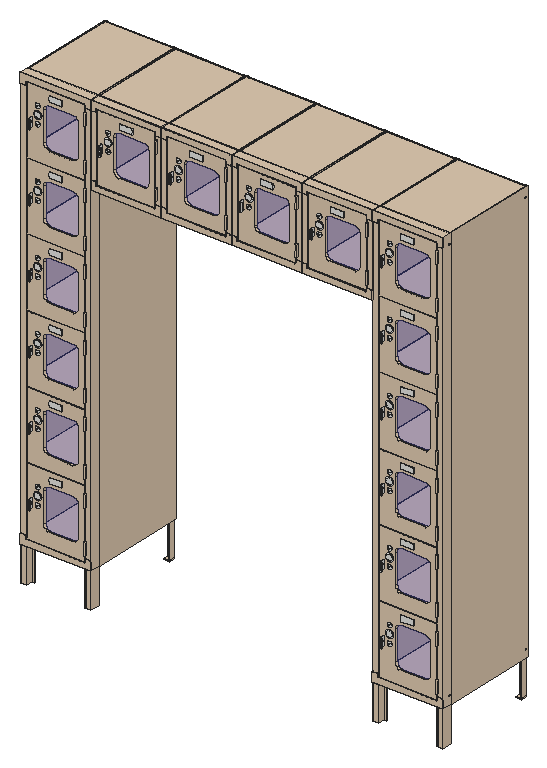
Revit family "Metal_Lockers-Salsbury_Industries-S_66000_Series-Bridge_Unit", category Specialty Equipment, Revit 2016 (continued)
Dimensions and locks (in)
  aligned and locked: plane 120 to Sweep 44 sketch curve
  aligned and locked: Sweep 44 sketch curve to plane 72  (x2)
  aligned and locked: plane 119 to Sweep 44 sketch curve
  aligned and locked: Sweep 44 sketch curve to plane 18 "Back Edge of Front Facing"
  aligned and locked: Sweep 44 sketch curve to plane 116  (x2)
  aligned and locked: Sweep 44 sketch curve to plane 117
  aligned and locked: plane 148 to Sweep 44 sketch curve
  aligned and locked: Sweep 44 sketch curve to plane 149
  aligned and locked: plane 117 to Sweep 44 sketch curve
  aligned and locked: Extrusion 52 sketch curve to plane 71
  aligned and locked: Extrusion 52 sketch curve to plane 114
  aligned and locked: plane 72 to Extrusion 52 sketch curve  (x2)
  aligned and locked: Extrusion 52 sketch curve to plane 113
  aligned and locked: plane 18 "Back Edge of Front Facing" to Extrusion 52 sketch curve
  aligned and locked: plane 107 to Extrusion 52 sketch curve
  aligned and locked: plane 108 to Extrusion 52 sketch curve
  aligned and locked: plane 148 to Extrusion 52
  aligned and locked: plane 62 "Bottom of Door Opening-Horiztonal" to Extrusion 52
  aligned and locked: plane 71 to Sweep 51 sketch curve
  aligned and locked: Sweep 51 sketch curve to plane 108
  aligned and locked: Sweep 51 sketch curve to plane 72  (x2)
  aligned and locked: Sweep 51 sketch curve to plane 107  (x2)
  aligned and locked: Sweep 51 sketch curve to plane 18 "Back Edge of Front Facing"
  aligned and locked: plane 113 to Sweep 51 sketch curve
  aligned and locked: plane 114 to Sweep 51 sketch curve
  aligned and locked: plane 148 to Sweep 51 sketch curve
  aligned and locked: Sweep 51 sketch curve to plane 149
  aligned and locked: plane 108 to Sweep 51 sketch curve
  aligned and locked: plane 9 "Back of Unit" to curve 9
  aligned and locked: plane 18 "Back Edge of Front Facing" to curve 9
  aligned and locked: plane 18 "Back Edge of Front Facing" to curve 7
  aligned and locked: plane 9 "Back of Unit" to curve 7
  aligned and locked: plane 9 "Back of Unit" to curve 3
  aligned and locked: plane 18 "Back Edge of Front Facing" to curve 5
  aligned and locked: plane 9 "Back of Unit" to curve 5
  aligned and locked: plane 6 "Top of Unit" to curve 5
  aligned and locked: plane 61 "Bottom of Horizontal Section" to curve 8
  aligned and locked: plane 61 "Bottom of Horizontal Section" to curve 6
  aligned and locked: plane 6 "Top of Unit" to curve 6
  aligned and locked: plane 6 "Top of Unit" to curve 2
  aligned and locked: plane 61 "Bottom of Horizontal Section" to curve 2
  aligned and locked: plane 61 "Bottom of Horizontal Section" to curve 4
  aligned and locked: plane 6 "Top of Unit" to curve 4
  aligned and locked: curve 12 to plane 5 "Bottom of Unit"
  aligned and locked: plane 6 "Top of Unit" to curve 10
  aligned and locked: curve 16 to plane 5 "Bottom of Unit"
  aligned and locked: curve 15 to plane 52 "Left Side of Unit 2"
  aligned and locked: plane 8 "Right Side of Unit" to curve 17
  aligned and locked: plane 6 "Top of Unit" to curve 14
  aligned and locked: plane 51 "Right Side of Unit 1" to curve 18
  aligned and locked: plane 6 "Top of Unit" to curve 18
  aligned and locked: curve 19 to plane 61 "Bottom of Horizontal Section"
  aligned and locked: curve 22 to plane 139
  aligned and locked: plane 64 to curve 23
  aligned and locked: plane 80 to curve 20
  aligned and locked: curve 21 to plane 15 "Left Side of Door Opening"
  aligned and locked: plane 7 "Left Side of Unit" to curve 24
  aligned and locked: curve 24 to plane 79
  aligned and locked: curve 25 to Blend 17
  aligned and locked: plane 7 "Left Side of Unit" to curve 26
  aligned and locked: plane 15 "Left Side of Door Opening" to curve 28
  aligned and locked: curve 28 to plane 138
  aligned and locked: curve 29 to Blend 15
  aligned and locked: curve 32 to plane 138
  aligned and locked: plane 64 to curve 33
  aligned and locked: plane 79 to curve 33
  aligned and locked: plane 54 to curve 34
  aligned and locked: plane 51 "Right Side of Unit 1" to curve 34
  aligned and locked: curve 34 to plane 140
  aligned and locked: curve 36 to plane 54
  aligned and locked: plane 80 to curve 35
  aligned and locked: plane 62 "Bottom of Door Opening-Horiztonal" to curve 37
  aligned and locked: curve 38 to plane 150
  aligned and locked: curve 40 to plane 55
  aligned and locked: plane 80 to curve 39
  aligned and locked: plane 62 "Bottom of Door Opening-Horiztonal" to curve 41
  aligned and locked: curve 42 to plane 151
  aligned and locked: curve 44 to plane 57
  aligned and locked: plane 80 to curve 43
  aligned and locked: plane 62 "Bottom of Door Opening-Horiztonal" to curve 45
  aligned and locked: curve 46 to plane 152
  aligned and locked: plane 80 to curve 47
  aligned and locked: curve 48 to plane 59
  aligned and locked: plane 62 "Bottom of Door Opening-Horiztonal" to curve 49
  aligned and locked: curve 50 to plane 153
  aligned and locked: plane 55 to curve 51
  aligned and locked: plane 150 to curve 51
  aligned and locked: curve 51 to plane 140
  aligned and locked: curve 52 to plane 79
  aligned and locked: curve 53 to plane 151
  aligned and locked: curve 53 to plane 79
  aligned and locked: curve 54 to plane 140
  aligned and locked: curve 55 to plane 152
  aligned and locked: plane 59 to curve 55
  aligned and locked: curve 55 to plane 140
  aligned and locked: curve 56 to plane 79
  aligned and locked: plane 153 to curve 57
  aligned and locked: curve 57 to plane 140
  aligned and locked: plane 154 to curve 58
  aligned and locked: curve 58 to plane 79
  aligned and locked: plane 80 to curve 59
  aligned and locked: curve 61 to plane 86
  aligned and locked: plane 14 "Right Side of Door Opening" to curve 62
  aligned and locked: plane 14 "Right Side of Door Opening" to curve 63
  aligned and locked: plane 8 "Right Side of Unit" to curve 63
  aligned and locked: curve 63 to plane 85
  aligned and locked: curve 64 to plane 79
  aligned and locked: plane 52 "Left Side of Unit 2" to curve 65
  aligned and locked: curve 65 to plane 154
  aligned and locked: plane 85 to curve 65
  aligned and locked: curve 66 to plane 155
  aligned and locked: curve 67 to plane 156
  aligned and locked: curve 70 to plane 5 "Bottom of Unit"
  aligned and locked: plane 9 "Back of Unit" to curve 71
  aligned and locked: plane 6 "Top of Unit" to curve 68
  aligned and locked: curve 69 to plane 10 "Front of Unit"
  aligned and locked: plane 9 "Back of Unit" to curve 72
  aligned and locked: curve 73 to plane 7 "Left Side of Unit"
  aligned and locked: curve 74 to plane 19 "Front Plate Plane"
  aligned and locked: plane 8 "Right Side of Unit" to curve 75
  aligned and locked: curve 76 to Blend 16
  aligned and locked: curve 79 to Blend 15
  aligned and locked: curve 82 to Blend 11
  aligned and locked: curve 85 to Blend 13
  aligned and locked: plane 7 "Left Side of Unit" to curve 88
  aligned and locked: plane 8 "Right Side of Unit" to curve 88
  aligned and locked: plane 18 "Back Edge of Front Facing" to curve 3
  aligned and locked: plane 18 "Back Edge of Front Facing" to curve 89
  aligned and locked: plane 9 "Back of Unit" to curve 89
  aligned and locked: curve 89 to plane 51 "Right Side of Unit 1"
  aligned and locked: nested 27 to plane 31 "Bottom of Bottom Door"
  aligned and locked: nested 28 to plane 34
  aligned and locked: nested 29 to plane 35
  aligned and locked: nested 30 to plane 37
  aligned and locked: nested 31 to plane 45
  aligned and locked: nested 32 to plane 48
  aligned and locked: plane 31 "Bottom of Bottom Door" to nested 21
  aligned and locked: plane 34 to nested 22
  aligned and locked: plane 35 to nested 23
  aligned and locked: plane 37 to nested 24
  aligned and locked: plane 45 to nested 25
  aligned and locked: nested 26 to plane 48
  aligned and locked: plane 4 "Floor" to nested 38
  aligned and locked: plane 7 "Left Side of Unit" to nested 38
  aligned and locked: nested 39 to plane 2
  aligned and locked: nested 39 to plane 8 "Right Side of Unit"
  aligned and locked: plane 10 "Front of Unit" to nested 39
  aligned and locked: plane 10 "Front of Unit" to nested 38
  aligned and locked: plane 5 "Bottom of Unit" to nested 40
  aligned and locked: plane 5 "Bottom of Unit" to nested 41
  aligned and locked: plane 51 "Right Side of Unit 1" to nested 41
  aligned and locked: plane 8 "Right Side of Unit" to nested 40
  aligned and locked: plane 9 "Back of Unit" to nested 40
  aligned and locked: plane 9 "Back of Unit" to nested 41
  aligned and locked: plane 5 "Bottom of Unit" to nested 42
  aligned and locked: plane 7 "Left Side of Unit" to nested 42
  aligned and locked: plane 5 "Bottom of Unit" to nested 43
  aligned and locked: plane 52 "Left Side of Unit 2" to nested 43
  aligned and locked: plane 9 "Back of Unit" to nested 42
  aligned and locked: plane 9 "Back of Unit" to nested 43
  aligned and locked: plane 2 to nested 44
  aligned and locked: plane 4 "Floor" to nested 45
  aligned and locked: nested 44 to plane 18 "Back Edge of Front Facing"
  aligned and locked: plane 42 to nested 44
  aligned and locked: nested 45 to plane 18 "Back Edge of Front Facing"
  aligned and locked: plane 41 to nested 45
Automatic sketch dimensions
  plane 20 "Horizontal Center of Top Rivets" to Extrusion 23 sketch curve = 0.02344"  (x4)
  Extrusion 23 sketch curve to Extrusion 23 sketch curve = 0.00009"
  Extrusion 23 sketch curve to Extrusion 23 sketch curve = 0.06851"
  plane 20 "Horizontal Center of Top Rivets" to Extrusion 25 sketch curve = 0.02344"  (x4)
  Extrusion 25 sketch curve to Extrusion 25 sketch curve = 0.00009"
  Extrusion 25 sketch curve to Extrusion 25 sketch curve = 0.06851"
  plane 18 "Back Edge of Front Facing" to Extrusion 39 sketch curve = 0.000"
  plane 8 "Right Side of Unit" to Extrusion 39 sketch curve = 0.12033"
  plane 22 "Vertical Center of Back Rivets" to Extrusion 39 sketch curve = 0.360"  (x2)
  Extrusion 39 sketch curve to plane 52 "Left Side of Unit 2" = 0.05967"
  plane 9 "Back of Unit" to Extrusion 39 sketch curve = 0.11781"
  Extrusion 39 sketch curve to Extrusion 39 sketch curve = 0.060"  (x2)
  Extrusion 73 sketch curve to plane 1 "Center (Front/Back)" = 0.000"
  Extrusion 73 sketch curve to plane 63 "Center or Coat Rod" = 0.000"
  Extrusion 72 sketch curve to plane 1 "Center (Front/Back)" = 0.000"
  Extrusion 72 sketch curve to plane 63 "Center or Coat Rod" = 0.000"
  plane 20 "Horizontal Center of Top Rivets" to Blend 17 sketch curve = 0.000"  (x2)
  Blend 17 sketch curve to plane 23 "Vertical Center of Front Rivets" = 0.000"  (x2)
  plane 20 "Horizontal Center of Top Rivets" to Extrusion 9 sketch curve = 0.02344"  (x4)
  Extrusion 9 sketch curve to Extrusion 9 sketch curve = 0.0686"
  plane 133 to Extrusion 9 sketch curve = 0.06851"
  plane 21 "Horiz Center of Bottom Rivets" to Extrusion 10 sketch curve = 0.02344"  (x4)
  Extrusion 10 sketch curve to Extrusion 10 sketch curve = 0.0686"
  Extrusion 10 sketch curve to plane 133 = 0.06851"
  plane 20 "Horizontal Center of Top Rivets" to Blend 11 sketch curve = 0.000"  (x2)
  Blend 11 sketch curve to plane 23 "Vertical Center of Front Rivets" = 0.000"  (x2)
  plane 21 "Horiz Center of Bottom Rivets" to Blend 12 sketch curve = 0.000"  (x2)
  Blend 12 sketch curve to plane 23 "Vertical Center of Front Rivets" = 0.000"  (x2)
  plane 21 "Horiz Center of Bottom Rivets" to Blend 15 sketch curve = 0.000"  (x2)
  Blend 15 sketch curve to plane 23 "Vertical Center of Front Rivets" = 0.000"  (x2)
  plane 19 "Front Plate Plane" to curve 1 = 0.000"
  plane 26 "Corner Filler Align-Left" to curve 1 = 22.500"
  curve 1 to plane 27 "Corner Filler Align-Right" = 21.25408"
  plane 20 "Horizontal Center of Top Rivets" to Extrusion 21 sketch curve = 0.02344"  (x4)
  Extrusion 21 sketch curve to Extrusion 21 sketch curve = 0.06851"
  plane 20 "Horizontal Center of Top Rivets" to Extrusion 27 sketch curve = 0.02344"  (x4)
  Extrusion 27 sketch curve to Extrusion 27 sketch curve = 0.00009"
  Extrusion 27 sketch curve to Extrusion 27 sketch curve = 0.06851"
  plane 20 "Horizontal Center of Top Rivets" to Extrusion 29 sketch curve = 0.02344"  (x4)
  Extrusion 29 sketch curve to Extrusion 29 sketch curve = 0.0686"
  Extrusion 29 sketch curve to plane 81 = 0.06851"
  Extrusion 30 sketch curve to plane 85 = 0.000"
  plane 21 "Horiz Center of Bottom Rivets" to Extrusion 30 sketch curve = 0.02344"  (x4)
  Extrusion 30 sketch curve to Extrusion 30 sketch curve = 0.0686"
  plane 81 to Extrusion 30 sketch curve = 0.06851"
  Extrusion 69 sketch curve to plane 1 "Center (Front/Back)" = 0.000"
  Extrusion 69 sketch curve to plane 63 "Center or Coat Rod" = 0.000"
  Extrusion 70 sketch curve to plane 1 "Center (Front/Back)" = 0.000"
  Extrusion 70 sketch curve to plane 63 "Center or Coat Rod" = 0.000"
  Extrusion 71 sketch curve to plane 1 "Center (Front/Back)" = 0.000"
  Extrusion 71 sketch curve to plane 63 "Center or Coat Rod" = 0.000"
  Extrusion 7 sketch curve to plane 105 = 0.000"
  plane 21 "Horiz Center of Bottom Rivets" to curve 31 = 0.05319"
  plane 85 to curve 29 = 0.03885"
  curve 27 to plane 79 = 0.03885"
  curve 25 to plane 20 "Horizontal Center of Top Rivets" = 0.05319"
  curve 31 to curve 29 = 0.13083"
  curve 30 to plane 85 = 0.09199"
  curve 27 to curve 24 = 0.09199"
  curve 25 to curve 26 = 0.13083"
  Blend 13 sketch curve to plane 21 "Horiz Center of Bottom Rivets" = 0.000"  (x2)
  Blend 13 sketch curve to plane 22 "Vertical Center of Back Rivets" = 0.000"  (x2)
  Blend 14 sketch curve to plane 20 "Horizontal Center of Top Rivets" = 0.000"  (x2)
  Blend 14 sketch curve to plane 22 "Vertical Center of Back Rivets" = 0.000"  (x2)
  plane 21 "Horiz Center of Bottom Rivets" to Blend 16 sketch curve = 0.000"  (x2)
  Blend 16 sketch curve to plane 22 "Vertical Center of Back Rivets" = 0.000"  (x2)
  plane 20 "Horizontal Center of Top Rivets" to Blend 18 sketch curve = 0.000"  (x2)
  Blend 18 sketch curve to plane 22 "Vertical Center of Back Rivets" = 0.000"  (x2)
  plane 49 "Vertical Divider 1 and 2" to curve 4 = 0.000"
  curve 2 to plane 3 "Center (Left/Right)" = 0.000"
  curve 6 to plane 6 "Top of Unit" = 0.000"
  plane 50 "Vertical Divider 2 and 3" to curve 6 = 0.000"
  plane 52 "Left Side of Unit 2" to curve 8 = 0.000"
  curve 8 to plane 61 "Bottom of Horizontal Section" = 0.000"
  curve 4 to plane 61 "Bottom of Horizontal Section" = 0.000"
  curve 6 to plane 61 "Bottom of Horizontal Section" = 0.000"
  curve 2 to plane 61 "Bottom of Horizontal Section" = 0.000"
  curve 4 to plane 6 "Top of Unit" = 0.000"
  curve 2 to plane 6 "Top of Unit" = 0.000"
  curve 8 to plane 6 "Top of Unit" = 0.02221"
  plane 69 "Compartment Align 1" to Extrusion 22 sketch curve = 0.02344"  (x4)
  Extrusion 22 sketch curve to Extrusion 22 sketch curve = 0.0686"
  Extrusion 22 sketch curve to plane 147 = 0.06851"
  plane 69 "Compartment Align 1" to Extrusion 24 sketch curve = 0.02344"  (x4)
  Extrusion 24 sketch curve to Extrusion 24 sketch curve = 0.0686"
  Extrusion 24 sketch curve to plane 142 = 0.06851"
  plane 69 "Compartment Align 1" to Extrusion 26 sketch curve = 0.02344"  (x4)
  Extrusion 26 sketch curve to Extrusion 26 sketch curve = 0.0686"
  Extrusion 26 sketch curve to plane 144 = 0.06851"
  plane 69 "Compartment Align 1" to Extrusion 28 sketch curve = 0.02344"  (x4)
  Extrusion 28 sketch curve to Extrusion 28 sketch curve = 0.0686"
  Extrusion 28 sketch curve to plane 146 = 0.06851"
  Extrusion 36 sketch curve to plane 78 = 0.000"
  Extrusion 36 sketch curve to plane 76 = 0.000"
  Sweep 77 sketch curve to profile plane = 0.000"
  Sweep 77 sketch curve to Sweep 77 sketch curve = 0.060"
  Sweep 77 sketch curve to Sweep 77 sketch curve = 0.73501"
  curve 5 to plane 49 "Vertical Divider 1 and 2" = 0.000"
  curve 3 to plane 3 "Center (Left/Right)" = 0.000"
  curve 7 to plane 50 "Vertical Divider 2 and 3" = 0.000"
  curve 9 to plane 52 "Left Side of Unit 2" = 0.000"
  curve 86 to plane 22 "Vertical Center of Back Rivets" = 0.05319"
  curve 76 to plane 22 "Vertical Center of Back Rivets" = 0.05319"
  plane 22 "Vertical Center of Back Rivets" to curve 76 = 0.05319"
  plane 22 "Vertical Center of Back Rivets" to curve 87 = 0.05319"
  curve 83 to plane 23 "Vertical Center of Front Rivets" = 0.05319"
  curve 79 to plane 23 "Vertical Center of Front Rivets" = 0.05319"
  plane 23 "Vertical Center of Front Rivets" to curve 84 = 0.05319"
  plane 23 "Vertical Center of Front Rivets" to curve 79 = 0.05319"
  curve 86 to curve 85 = 0.13083"
  curve 77 to curve 76 = 0.13083"
  curve 85 to curve 87 = 0.13083"
  curve 76 to curve 78 = 0.1395"
  curve 81 to curve 79 = 0.13271"
  curve 83 to curve 82 = 0.13191"
  curve 79 to curve 80 = 0.13083"
  curve 82 to curve 84 = 0.13083"
  radius of Extrusion 73 sketch curve = 1.000"
  radius of Extrusion 72 sketch curve = 0.530"
  radius of Blend 17 sketch curve = 0.187"
  radius of Blend 17 sketch curve = 0.05319"
  radius of Blend 11 sketch curve = 0.187"
  radius of Blend 11 sketch curve = 0.05319"
  radius of Blend 12 sketch curve = 0.187"
  radius of Blend 12 sketch curve = 0.05319"
  radius of Blend 15 sketch curve = 0.187"
  radius of Blend 15 sketch curve = 0.05319"
  radius of Extrusion 69 sketch curve = 0.500"
  radius of Extrusion 70 sketch curve = 0.530"
  radius of Extrusion 71 sketch curve = 1.000"
  radius of Blend 13 sketch curve = 0.187"
  radius of Blend 13 sketch curve = 0.05319"
  radius of Blend 14 sketch curve = 0.187"
  radius of Blend 14 sketch curve = 0.05319"
  radius of Blend 16 sketch curve = 0.187"
  radius of Blend 16 sketch curve = 0.05319"
  radius of Blend 18 sketch curve = 0.187"
  radius of Blend 18 sketch curve = 0.05319"
Nested families (in)
  nested 1: "Metal Locker Legs" at (-30.01683, 0, 0), type <- "Standard Leg Base", type "6" High - 12"W x 18"D - Bridge"
  nested 2: "Metal Locker Front Base" at (-30, -3, 0), type <- "Front Base", type "None"
  nested 3: "Metal Locker Right Side Base" at (30, 0.794, 0), type <- "Right Side Base", type "None"
  nested 4: "Metal Locker Left Side Base" at (-40.79, 0.794, 0), type <- "Left Side Base", type "None"
  nested 5: "Metal Locker End Panel" at (40.1925, -0.833, 6), type <- "End Panel - Right Side", type "None"
  nested 6: "Metal Locker End Panel" at (-40.1925, -0.833, 6) x (-1, 0, 0) z (0, 0, 1), type <- "End Panel - Left Side", type "None"
  nested 7: "Metal Locker Front Filler" at (48.155, -6.088, 0), type <- "Front Vertical Filler - Right", type "None"
  nested 8: "Metal Locker Front Filler" at (-38.965, -6.088, 0), type <- "Front Vertical Filler - Left", type "None"
  nested 9: "Metal Locker Flat Top Filler" at (48.155, -0.887, 77.045), type <- "Flat Top In-Line Filler - Right Side", type "None"
  nested 10: "Metal Locker Flat Top Filler" at (-38.965, -0.887, 77.045), type <- "Flat Top In-Line Filler - Left Side", type "None"
  nested 11: "Metal Locker Flat Corner Filler" at (46.3025, -1.2105, 78), type <- "Flat Top Corner Filler - Right Side", type "None"
  nested 12: "Metal Locker Flat Corner Filler" at (-46.3025, -1.2105, 78) x (-1, 0, 0) z (0, 0, 1), type <- "Flat Top Corner Filler - Left Side", type "None"
  nested 13: "Metal Locker Sloping Top Filler" at (48.155, -0.887, 78.028), type <- "Sloping Top In-Line Filler - Right Side", type "None"
  nested 14: "Metal Locker Sloping Top Filler" at (-38.965, -0.887, 78.028), type <- "Sloping Top In-Line Filler - Left Side", type "None"
  nested 15: "Metal Locker Sloping Corner Filler" at (43.9095, -4.9375, 77.71202) x (0, -1, 0) z (0, 0, 1), type <- "Sloping Top Corner Filler - Right Side", type "None"
  nested 16: "Metal Locker Sloping Corner Filler" at (-37.1475, 1.8245, 77.71223), type <- "Sloping Top Corner Filler - Left Side", type "None"
  nested 17: "See-Through Metal Locker Doors-12 inch with Latch Hasps" at (18.02717, -8.83, 65.33618), type <- "Door Location D1", type "Six Tier Door - 6 foot"
  nested 18: "See-Through Metal Locker Doors-12 inch with Latch Hasps" at (6.0205, -8.83, 65.33618), type <- "Door Location D1", type "Six Tier Door - 6 foot"
  nested 19: "See-Through Metal Locker Doors-12 inch with Latch Hasps" at (-5.98617, -8.83, 65.33618), type <- "Door Location D1", type "Six Tier Door - 6 foot"
  nested 20: "See-Through Metal Locker Doors-12 inch with Latch Hasps" at (-17.99283, -8.83, 65.33618), type <- "Door Location D1", type "Six Tier Door - 6 foot"
  nested 21: "See-Through Metal Locker Doors-12 inch with Latch Hasps" at (-29.99979, -8.83, 7.09027), type <- "Door Location D1", type "Six Tier Door - 6 foot"
  nested 22: "See-Through Metal Locker Doors-12 inch with Latch Hasps" at (-29.99979, -8.83, 18.78985), type <- "Door Location D1", type "Six Tier Door - 6 foot"
  nested 23: "See-Through Metal Locker Doors-12 inch with Latch Hasps" at (-29.99979, -8.83, 30.42643), type <- "Door Location D1", type "Six Tier Door - 6 foot"
  nested 24: "See-Through Metal Locker Doors-12 inch with Latch Hasps" at (-29.99979, -8.83, 42.06301), type <- "Door Location D1", type "Six Tier Door - 6 foot"
  nested 25: "See-Through Metal Locker Doors-12 inch with Latch Hasps" at (-29.99979, -8.83, 53.6996), type <- "Door Location D1", type "Six Tier Door - 6 foot"
  nested 26: "See-Through Metal Locker Doors-12 inch with Latch Hasps" at (-29.99979, -8.83, 65.33618), type <- "Door Location D1", type "Six Tier Door - 6 foot"
  nested 27: "See-Through Metal Locker Doors-12 inch with Latch Hasps" at (29.99976, -8.83, 7.09027), type <- "Door Location D1", type "Six Tier Door - 6 foot"
  nested 28: "See-Through Metal Locker Doors-12 inch with Latch Hasps" at (29.99976, -8.83, 18.78985), type <- "Door Location D1", type "Six Tier Door - 6 foot"
  nested 29: "See-Through Metal Locker Doors-12 inch with Latch Hasps" at (29.99976, -8.83, 30.42643), type <- "Door Location D1", type "Six Tier Door - 6 foot"
  nested 30: "See-Through Metal Locker Doors-12 inch with Latch Hasps" at (29.99976, -8.83, 42.06301), type <- "Door Location D1", type "Six Tier Door - 6 foot"
  nested 31: "See-Through Metal Locker Doors-12 inch with Latch Hasps" at (29.99976, -8.83, 53.6996), type <- "Door Location D1", type "Six Tier Door - 6 foot"
  nested 32: "See-Through Metal Locker Doors-12 inch with Latch Hasps" at (29.99976, -8.83, 65.33618), type <- "Door Location D1", type "Six Tier Door - 6 foot"
  nested 33: "Metal Locker Front Base" at (30, -3, 0), type <- "Front Base", type "None"
  nested 34: "Metal Locker Legs" at (30.01683, 0, 0), type <- "Standard Leg Base", type "6" High - 12"W x 18"D - Bridge"
  nested 35: "Metal Locker Sloping Hood" at (4.595, 2.137, 78), type <- "Sloping Hood", type "None"
  nested 36: "Metal Locker Right Side Base" at (-30.03333, 0.794, 0), type <- "Right Side Base", type "None"
  nested 37: "Metal Locker Left Side Base" at (19.24333, 0.794, 0), type <- "Left Side Base", type "None"
  nested 38: "Metal Locker Zee Base" at (-30, -3, 0), type <- "Zee Base", type "None"
  nested 39: "Metal Locker Zee Base" at (30, -3, 0), type <- "Zee Base", type "None"
  nested 40: "Metal Locker Zee Base-Right Side" at (30.03, 3.824, 2), type <- "Zee Base - Right Side", type "None"
  nested 41: "Metal Locker Zee Base-Right Side" at (-30.00333, 3.824, 2), type <- "Zee Base - Right Side", type "None"
  nested 42: "Metal Locker Zee Base-Left Side" at (-38.01, 3.824, 2), type <- "Zee Base - Left Side", type "None"
  nested 43: "Metal Locker Zee Base-Left Side" at (22.02333, 3.824, 2), type <- "Zee Base - Left Side", type "None"
  nested 44: "Metal Locker Zee Base Corner" at (36.669, -8.417, 0), type <- "Zee Base Corner - Right Side3", type "None"
  nested 45: "Metal Locker Zee Base Corner" at (-36.669, -8.417, 0) x (-1, 0, 0) z (0, 0, 1), type <- "Zee Base Corner - Left Side", type "None"
Definition of nested family "Metal Locker Legs"
  Parameters (values of type "6" High - 12"W x 18"D - Bridge")
    Width = 12.007"
    Visible = yes
    Version = "1.0 (11/30/15)"
    Type Comments = "Standard Metal Locker Legs - Bridge"
    Primary Structure Material = none
    Model = "n/a"
    MasterFormat Title = ""
    MasterFormat Number = ""
    Manufacturer = "Salsbury Industries"
    Description = "12\"W x 6\" H x 18\"D"
    Depth = 18.010"
    Height = 6.000"
    Assembly Code = ""
  Types (7): name | Width | Visible | Type Comments | Description | Depth
    6" High - 12" W x 12" D | 12.040" | yes | "Standard Metal Locker Legs" | "12\"W x 6\" H x 12\"D" | 12.010"
    6" High - 12" W x 15" D | 12.040" | yes | "Standard Metal Locker Legs" | "12\"W x 6\" H x 15\"D" | 15.010"
    6" High - 12"W x 18"D | 12.040" | yes | "Standard Metal Locker Legs" | "12\"W x 6\" H x 18\"D" | 18.010"
    6" High - 15"W x 15"D | 15.040" | yes | "Standard Metal Locker Legs" | "15\"W x 6\" H x 15\"D" | 15.010"
    6" High - 15"W x 18"D | 15.040" | yes | "Standard Metal Locker Legs" | "15\"W x 6\" H x 18\"D" | 18.010"
    No Legs | 12.040" | no | "No Legs" | "" | 12.010"
    6" High - 12"W x 18"D - Bridge | 12.007" | yes | "Standard Metal Locker Legs - Bridge" | "12\"W x 6\" H x 18\"D" | 18.010"
  Reference planes (in)
    plane 1 "Center (Front/Back)": y = 0
    plane 2: z = 0
    plane 3 "Center (Left/Right)": x = 0
    plane 4 "Floor": z = 0
    plane 5 "Bottom of Unit": z = 6
    plane 6 "Left Side of Unit": x = -6.0035
    plane 7 "Right Side of Unit": x = 6.0035
    plane 8 "Back of Unit": y = 9.005
    plane 9 "Front of Unit": y = -9.005
    plane 10 "Right Side of Door Opening": x = 5.0035
    plane 11 "Left Side of Door Opening": x = -5.0035
    plane 12 "Top of back legs": z = 6.185
    plane 13 "Back Edge of Front Facing": y = -7.417
    plane 14 "Inside Edge of Front Leg": x = -4.5635
    plane 15 "Inside Edge of Right Leg": x = 4.5635
    plane 16: y = -7.82
    plane 17 "Back Edge of Rear Legs": y = 8.895
    plane 18 "Right Edge of Rear Right Leg": x = 5.8835
    plane 19 "Left Edge or Rear Left Leg": x = -5.8835
    plane 20: y = 7.895
    plane 21 "Inside Edge or Rear Right Leg": x = 4.8835
    plane 22 "Inside Edge or Left Rear Leg": x = -4.8835
  Forms (in)
    Extrusion 1, solid, material <- "Primary Structure Material", visible <- "Visible"
      sketch origin (0, 0, 0) x (0, -1, 0) y (1, 0, 0)
        loop
          line (7.417, 6.0035) -> (7.417, 5.9435) -> (8.945, 5.9435) -> (8.945, 5.0635) -> (7.76, 5.0635) -> (7.76, 4.5635) -> (7.82, 4.5635) -> (7.82, 5.0035) -> (9.005, 5.0035) -> (9.005, 6.0035) -> (7.417, 6.0035)
      from 0 to 6
    Extrusion 2, solid, material <- "Primary Structure Material", visible <- "Visible"
      sketch origin (0, 0, 0) x (0, -1, 0) y (1, 0, 0)
        loop
          line (7.417, -6.0035) -> (9.005, -6.0035) -> (9.005, -5.0035) -> (7.82, -5.0035) -> (7.82, -4.5635) -> (7.76, -4.5635) -> (7.76, -5.0635) -> (8.945, -5.0635) -> (8.945, -5.9435) -> (7.417, -5.9435) -> (7.417, -6.0035)
      from 0 to 6
    Extrusion 3, solid, material <- "Primary Structure Material", visible <- "Visible"
      sketch origin (0, 0, 0) x (0, -1, 0) y (1, 0, 0)
        loop
          line (-8.895, 5.8835) -> (-8.895, 4.8835) -> (-8.835, 4.8835) -> (-8.835, 5.8235) -> (-7.895, 5.8235) -> (-7.895, 5.8835) -> (-8.895, 5.8835)
      from 0.06 to 6.185
    Extrusion 4, solid, material <- "Primary Structure Material", visible <- "Visible"
      sketch origin (0, 0, 0) x (0, -1, 0) y (1, 0, 0)
        loop
          line (-8.895, 5.8835) -> (-8.895, 4.8835) -> (-7.895, 4.8835) -> (-7.895, 5.8835) -> (-8.895, 5.8835)
      from 0 to 0.06
    Extrusion 5, solid, material <- "Primary Structure Material", visible <- "Visible"
      sketch origin (0, 0, 0) x (0, -1, 0) y (1, 0, 0)
        loop
          line (-8.895, -5.8835) -> (-7.895, -5.8835) -> (-7.895, -5.8235) -> (-8.835, -5.8235) -> (-8.835, -4.8835) -> (-8.895, -4.8835) -> (-8.895, -5.8835)
      from 0.06 to 6.185
    Extrusion 6, solid, material <- "Primary Structure Material", visible <- "Visible"
      sketch origin (0, 0, 0) x (0, -1, 0) y (1, 0, 0)
        loop
          line (-8.895, -5.8835) -> (-7.895, -5.8835) -> (-7.895, -4.8835) -> (-8.895, -4.8835) -> (-8.895, -5.8835)
      from 0 to 0.06
  Dimensions and locks (in)
    equal spacing: plane 6 "Left Side of Unit", plane 3 "Center (Left/Right)", plane 7 "Right Side of Unit"
    "Width": plane 6 "Left Side of Unit" to plane 7 "Right Side of Unit"
    "Height": plane 5 "Bottom of Unit" to plane 4 "Floor"
    equal spacing: plane 9 "Front of Unit", plane 1 "Center (Front/Back)", plane 8 "Back of Unit"
    "Depth": plane 9 "Front of Unit" to plane 8 "Back of Unit"
    plane 12 "Top of back legs" to plane 5 "Bottom of Unit" = 0.185"
    plane 6 "Left Side of Unit" to plane 11 "Left Side of Door Opening" = 1.000"
    plane 10 "Right Side of Door Opening" to plane 7 "Right Side of Unit" = 1.000"
    locked: plane 9 "Front of Unit" to plane 13 "Back Edge of Front Facing" at 1.588
    plane 11 "Left Side of Door Opening" to plane 14 "Inside Edge of Front Leg" = 0.440"
    plane 15 "Inside Edge of Right Leg" to plane 10 "Right Side of Door Opening" = 0.440"
    plane 9 "Front of Unit" to plane 16 = 1.185"
    plane 15 "Inside Edge of Right Leg" to plane 21 "Inside Edge or Rear Right Leg" to plane 10 "Right Side of Door Opening" to plane 18 "Right Edge of Rear Right Leg" to plane 7 "Right Side of Unit" = 0.320", 0.120", 0.880", 0.120"
    plane 6 "Left Side of Unit" to plane 19 "Left Edge or Rear Left Leg" to plane 11 "Left Side of Door Opening" to plane 22 "Inside Edge or Left Rear Leg" to plane 14 "Inside Edge of Front Leg" = 0.120", 0.880", 0.120", 0.320"
    plane 20 to plane 17 "Back Edge of Rear Legs" to plane 8 "Back of Unit" = 1.000", 0.110"
    aligned and locked: level to plane 2
    aligned and locked: Extrusion 3 to Extrusion 4
    aligned and locked: Extrusion 6 to Extrusion 5
    aligned and locked: Extrusion 3 to plane 18 "Right Edge of Rear Right Leg"
    aligned and locked: Extrusion 3 to plane 17 "Back Edge of Rear Legs"
    aligned and locked: Extrusion 5 to plane 19 "Left Edge or Rear Left Leg"
    aligned and locked: Extrusion 5 to plane 17 "Back Edge of Rear Legs"
    aligned and locked: Extrusion 2 to plane 5 "Bottom of Unit"
    aligned and locked: Extrusion 1 to plane 5 "Bottom of Unit"
    aligned and locked: Extrusion 3 to plane 12 "Top of back legs"
    aligned and locked: Extrusion 5 to plane 12 "Top of back legs"
  Automatic sketch dimensions
    plane 13 "Back Edge of Front Facing" to Extrusion 1 sketch curve = 0.000"
    Extrusion 1 sketch curve to plane 15 "Inside Edge of Right Leg" = 0.000"
    plane 16 to Extrusion 1 sketch curve = 0.000"
    Extrusion 1 sketch curve to plane 7 "Right Side of Unit" = 0.000"
    plane 9 "Front of Unit" to Extrusion 1 sketch curve = 0.000"
    Extrusion 1 sketch curve to plane 10 "Right Side of Door Opening" = 0.000"
    Extrusion 1 sketch curve to plane 16 = 0.060"
    Extrusion 1 sketch curve to plane 9 "Front of Unit" = 0.060"
    Extrusion 1 sketch curve to plane 10 "Right Side of Door Opening" = 0.060"
    plane 7 "Right Side of Unit" to Extrusion 1 sketch curve = 0.060"
    plane 13 "Back Edge of Front Facing" to Extrusion 2 sketch curve = 0.000"
    Extrusion 2 sketch curve to plane 14 "Inside Edge of Front Leg" = 0.000"
    plane 16 to Extrusion 2 sketch curve = 0.000"
    Extrusion 2 sketch curve to plane 6 "Left Side of Unit" = 0.000"
    plane 9 "Front of Unit" to Extrusion 2 sketch curve = 0.000"
    Extrusion 2 sketch curve to plane 11 "Left Side of Door Opening" = 0.000"
    plane 16 to Extrusion 2 sketch curve = 0.060"
    plane 9 "Front of Unit" to Extrusion 2 sketch curve = 0.060"
    Extrusion 2 sketch curve to plane 11 "Left Side of Door Opening" = 0.060"
    plane 6 "Left Side of Unit" to Extrusion 2 sketch curve = 0.060"
    plane 17 "Back Edge of Rear Legs" to Extrusion 3 sketch curve = 0.000"
    Extrusion 3 sketch curve to plane 21 "Inside Edge or Rear Right Leg" = 0.000"
    Extrusion 3 sketch curve to plane 18 "Right Edge of Rear Right Leg" = 0.000"
    plane 20 to Extrusion 3 sketch curve = 0.000"
    plane 17 "Back Edge of Rear Legs" to Extrusion 3 sketch curve = 0.060"
    plane 18 "Right Edge of Rear Right Leg" to Extrusion 3 sketch curve = 0.060"
    plane 17 "Back Edge of Rear Legs" to Extrusion 4 sketch curve = 0.000"
    Extrusion 4 sketch curve to plane 18 "Right Edge of Rear Right Leg" = 0.000"
    plane 20 to Extrusion 4 sketch curve = 0.000"
    Extrusion 4 sketch curve to plane 21 "Inside Edge or Rear Right Leg" = 0.000"
    plane 17 "Back Edge of Rear Legs" to Extrusion 5 sketch curve = 0.000"
    Extrusion 5 sketch curve to plane 22 "Inside Edge or Left Rear Leg" = 0.000"
    Extrusion 5 sketch curve to plane 19 "Left Edge or Rear Left Leg" = 0.000"
    plane 20 to Extrusion 5 sketch curve = 0.000"
    Extrusion 5 sketch curve to plane 17 "Back Edge of Rear Legs" = 0.060"
    Extrusion 5 sketch curve to plane 19 "Left Edge or Rear Left Leg" = 0.060"
    plane 17 "Back Edge of Rear Legs" to Extrusion 6 sketch curve = 0.000"
    Extrusion 6 sketch curve to plane 19 "Left Edge or Rear Left Leg" = 0.000"
    plane 20 to Extrusion 6 sketch curve = 0.000"
    Extrusion 6 sketch curve to plane 22 "Inside Edge or Left Rear Leg" = 0.000"
Definition of nested family "See-Through Metal Locker Doors-12 inch with Latch Hasps"
  Parameters (values of type "Four Tier Door - 6 foot")
    Window Panel = none
    Window Height = 13.000"
    Width = 9.901"
    Visible = yes
    Primary Structure Material = none
    Top of Window Vertical Alignment = 2.180"
    Number Plate Alignment = 0.738"
    Window Width = 6.000"
    Hinge 2 Placement = 14.142"
    Hinge 1 Placement = 1.125"
    Height = 17.360"
    Hasp Plate Rivet Material = none
    Hasp Height = 1.438"
    Depth = 0.350"
  Types (4): name | Window Height | Top of Window Vertical Alignment | Hinge 2 Placement | Height
    Four Tier Door - 6 foot | 13.000" | 2.180" | 14.142" | 17.360"
    Four Tier Door - 5 foot | 10.000" | 2.180" | 11.142" | 14.360"
    Five Tier Door - 5 foot | 7.000" | 2.250" | 8.188" | 11.463"
    Six Tier Door - 6 foot | 7.000" | 2.250" | 8.449" | 11.532"
  Reference planes (in)
    plane 1 "Center (Front/Back)": y = 0
    plane 2 "Bottom of Door": z = 0
    plane 3 "Center (Left/Right)": x = 0
    plane 4 "Center (Top/Bottom)": z = 8.68
    plane 5 "Top of Door": z = 17.36
    plane 6 "Right Side of Door": x = 4.9505
    plane 7 "Left Side of Door": x = -4.9505
    plane 8 "Front of Door": y = -0.175
    plane 9 "Back of Door": y = 0.175
    plane 10 "Top of Number Plate": z = 16.622
    plane 11 "Top of Window Cut Out": z = 15.18
    plane 12 "Bottom of Window Cut Out": z = 2.18
    plane 13 "Top of Hasp Alignment": z = 9.399
    plane 14 "Bottom of Hasp Alignment": z = 7.961
    plane 15 "Left Side of Window Cut Out": x = -2.0495
    plane 16 "Right Side of Window Cut Out": x = 3.9505
    plane 17 "Front of Louvers": y = -0.3625
    plane 18: z = 15.622
    plane 19 "Center Hasp": x = -1.7755
    plane 20 "Top of Hinge 2": z = 3.218
    plane 21 "Top of Hinge 1": z = 16.235
    plane 22 "Left Hasp Hole Align": x = -4.263
    plane 23 "Right Hasp Hole Align": x = -4.013
    plane 24 "Center Hasp Stud Align": z = 10.09841
    plane 25 "Top Hasp Stud Align": z = 11.51682
    plane 26 "Vertical Hasp Stud Align": x = -3.076
    plane 27 "Vertical Center Hasp Align": x = -4.13777
    plane 28 "Center of Window": x = 0.9505
    plane 29: z = 15.18
    plane 30: z = 14.18
    plane 31: z = 2.18
    plane 32: z = 3.18
    plane 33: x = -2.0495
    plane 34: x = -1.0495
    plane 35: x = 2.9505
    plane 36: x = 3.9505
    plane 37 "Left Side of Window": x = -2.2995
    plane 38 "Right Side of Window": x = 4.2005
    plane 39 "Bottom of Window": z = 1.93
    plane 40 "Top of Window": z = 15.43
    plane 41: x = -3.76277
    plane 42: y = -0.9875
    plane 43: x = -4.20027
  Forms (in)
    Extrusion 1, solid, material <- "Primary Structure Material", visible <- "Visible"
      sketch origin (0, 0, 0) x (1, 0, 0) y (0, 0, 1)
        loop
          line (-4.9505, 17.36) -> (-4.9505, 0) -> (4.9505, 0) -> (4.9505, 17.36) -> (-4.9505, 17.36)
        loop
          line (-2.0495, 14.18) -> (-2.0495, 3.18)
          arc (-2.0495, 3.18) -> (-1.75661, 2.47289) -> (-1.0495, 2.18) r 1
          line (-1.0495, 2.18) -> (2.9505, 2.18)
          arc (2.9505, 2.18) -> (3.65761, 2.47289) -> (3.9505, 3.18) r 1
          line (3.9505, 3.18) -> (3.9505, 14.18)
          arc (3.9505, 14.18) -> (3.65761, 14.88711) -> (2.9505, 15.18) r 1
          line (2.9505, 15.18) -> (-1.0495, 15.18)
          arc (-1.0495, 15.18) -> (-1.75661, 14.88711) -> (-2.0495, 14.18) r 1
      from -0.175 to 0.175
    Extrusion 2, solid, material <- "Primary Structure Material", visible <- "Visible", detail levels fine
      sketch origin (0, 0, 16.235) x (0, -1, 0) y (1, 0, 0)
        loop
          line (0.175, 4.9505) -> (0.3, 4.9505)
          arc (0.3, 4.9505) -> (0.425, 5.0755) -> (0.3, 5.2005) r 0.125
          line (0.3, 5.2005) -> (0.175, 5.2005) -> (0.175, 4.9505)
      from 0 to -2
    Extrusion 3, solid, material <- "Primary Structure Material", visible <- "Visible", detail levels fine
      sketch origin (0, 0, 3.218) x (0, -1, 0) y (1, 0, 0)
        loop
          line (0.175, 4.9505) -> (0.3, 4.9505)
          arc (0.3, 4.9505) -> (0.425, 5.0755) -> (0.3, 5.2005) r 0.125
          line (0.3, 5.2005) -> (0.175, 5.2005) -> (0.175, 4.9505)
      from 0 to -2
    Extrusion 4, void
      sketch origin (0, -0.175, 0) x (1, 0, 0) y (0, 0, 1)
        loop
          line (-4.263, 9.399) -> (-4.263, 7.961) -> (-4.013, 7.961) -> (-4.013, 9.399) -> (-4.263, 9.399)
      from -0.9 to 0
    Blend 5, solid, material <- "Hasp Plate Rivet Material", visible <- "Visible", detail levels medium+fine
      base sketch origin (0, -0.175, 0) x (1, 0, 0) y (0, 0, 1)
        loop
          circle (-3.076, 8.68) r 0.375
      top sketch origin (0, -0.175, 0) x (1, 0, 0) y (0, 0, 1)
        loop
          circle (-3.076, 8.68) r 0.09706
      from 0 to 0.03497
    Blend 6, solid, material <- "Hasp Plate Rivet Material", visible <- "Visible", detail levels medium+fine
      base sketch origin (0, -0.175, 2.83682) x (1, 0, 0) y (0, 0, 1)
        loop
          circle (-3.076, 8.68) r 0.375
      top sketch origin (0, -0.175, 2.83682) x (1, 0, 0) y (0, 0, 1)
        loop
          circle (-3.076, 8.68) r 0.09706
      from 0 to 0.03497
    Blend 7, solid, material <- "Hasp Plate Rivet Material", visible <- "Visible", detail levels medium+fine
      base sketch origin (0, -0.175, -0.16841) x (1, 0, 0) y (0, 0, 1)
        loop
          circle (-3.076, 10.26682) r 0.625
      top sketch origin (0, -0.175, -0.16841) x (1, 0, 0) y (0, 0, 1)
        loop
          circle (-3.076, 10.26682) r 0.58088
      from 0 to 0.03497
    Extrusion 8, solid, material <- "Hasp Plate Rivet Material", visible <- "Visible", detail levels medium+fine
      sketch origin (0, 0, 7.961) x (0, -1, 0) y (1, 0, 0)
        loop
          line (-0.175, -4.07527) -> (-0.175, -4.13777) -> (0.925, -4.13777)
          arc (0.925, -4.13777) -> (0.96919, -4.11946) -> (0.9875, -4.07527) r 0.0625
          line (0.9875, -4.07527) -> (0.9875, -3.76277) -> (0.93079, -3.76277) -> (0.93079, -4.0127)
          arc (0.93079, -4.0127) -> (0.91246, -4.05694) -> (0.86822, -4.07527) r 0.06257
          line (0.86822, -4.07527) -> (-0.175, -4.07527)
      from 0 to 1.438
    Extrusion 9, solid, material <- "Hasp Plate Rivet Material", visible <- "Visible", detail levels medium+fine
      sketch origin (0, 0, 7.961) x (0, -1, 0) y (1, 0, 0)
        loop
          line (-0.175, -4.20027) -> (0.9875, -4.20027) -> (0.9875, -4.13777) -> (-0.175, -4.13777) -> (-0.175, -4.20027)
      from 0 to 1.438
    Extrusion 10, void
      sketch origin (-4.013, 0, 0) x (0, 0, -1) y (0, -1, 0)
        loop
          circle (-8.68, 0.54719) r 0.375
      from 0 to 0.25
    Extrusion 11, solid, material <- "Window Panel"
      sketch origin (0, 0.175, 0) x (1, 0, 0) y (0, 0, 1)
        loop
          line (-2.2995, 15.43) -> (-2.2995, 1.93) -> (4.2005, 1.93) -> (4.2005, 15.43) -> (-2.2995, 15.43)
      from 0 to -0.25
    Extrusion 12, solid, material <- "Hasp Plate Rivet Material", detail levels medium+fine
      sketch origin (0, -0.175, 0) x (1, 0, 0) y (0, 0, 1)
        loop
          arc (-1.06847, 16.58622) -> (-1.0946, 16.12349) -> (-1.06847, 15.66075) r 4.11054
          arc (-1.06847, 15.66075) -> (0, 15.622) -> (1.06847, 15.66075) r 14.75
          arc (1.06847, 15.66075) -> (1.0946, 16.12349) -> (1.06847, 16.58622) r 4.11054
          arc (1.06847, 16.58622) -> (0, 16.61467) -> (-1.06847, 16.58622) r 20.07893
      from 0 to 0.03497
  Cuts and joins
    Extrusion 4 cuts Extrusion 1
    Extrusion 10 cuts Extrusion 8
    Extrusion 10 cuts Extrusion 9
  Lines and regions (in)
    symbolic lines
      curve 1: line (-4.9505, 0.175, 17.36) -> (4.9505, 0.175, 17.36)
      curve 2: line (-4.9505, 0.175, 0) -> (-4.9505, 0.175, 17.36)
      curve 3: line (4.9505, 0.175, 0) -> (-4.9505, 0.175, 0)
      curve 4: line (4.9505, 0.175, 17.36) -> (4.9505, 0.175, 0)
      curve 5: line (-1.0495, 0.175, 15.18) -> (2.9505, 0.175, 15.18)
      curve 6: line (3.9505, 0.175, 14.18) -> (3.9505, 0.175, 3.18)
      curve 7: line (2.9505, 0.175, 2.18) -> (-1.0495, 0.175, 2.18)
      curve 8: line (-2.0495, 0.175, 3.18) -> (-2.0495, 0.175, 14.18)
      curve 9: arc (-2.0495, 0.175, 14.18) -> (-1.75661, 0.175, 14.88711) -> (-1.0495, 0.175, 15.18) r 1
      curve 10: arc (3.9505, 0.175, 14.18) -> (3.65761, 0.175, 14.88711) -> (2.9505, 0.175, 15.18) r 1
      curve 11: arc (2.9505, 0.175, 2.18) -> (3.65761, 0.175, 2.47289) -> (3.9505, 0.175, 3.18) r 1
      curve 12: arc (-1.0495, 0.175, 2.18) -> (-1.75661, 0.175, 2.47289) -> (-2.0495, 0.175, 3.18) r 1
      curve 13: circle (-3.076, 0.175, 11.51682) r 0.375 normal (0, -1, 0)
      curve 14: circle (-3.076, 0.175, 8.68) r 0.375 normal (0, -1, 0)
      curve 15: circle (-3.076, 0.175, 10.09841) r 0.625 normal (0, -1, 0)
      curve 16: line (-4.263, 0.175, 9.399) -> (-3.76277, 0.175, 9.399)
      curve 17: line (-4.263, 0.175, 7.961) -> (-4.263, 0.175, 9.399)
      curve 18: line (-3.76277, 0.175, 7.961) -> (-4.263, 0.175, 7.961)
      curve 19: line (-3.76277, 0.175, 9.399) -> (-3.76277, 0.175, 7.961)
      curve 20: line (-4.13777, 0.175, 9.399) -> (-4.13777, 0.175, 7.961)
      curve 21: line (-4.013, -0.9875, 9.399) -> (-4.013, -0.175, 9.399)
      curve 22: line (-4.013, -0.9875, 7.961) -> (-4.013, -0.9875, 9.399)
      curve 23: line (-4.013, -0.175, 7.961) -> (-4.013, -0.9875, 7.961)
      curve 24: line (-4.013, -0.175, 9.399) -> (-4.013, -0.175, 7.961)
      curve 25: circle (-4.013, -0.55258, 8.68) r 0.37238 normal (-1, 0, 0)
      curve 26: line (-4.20027, -0.175, 0) -> (-4.13777, -0.175, 0)
      curve 27: line (-4.20027, -0.9875, 0) -> (-4.20027, -0.175, 0)
      curve 28: line (-4.13777, -0.9875, 0) -> (-4.20027, -0.9875, 0)
      curve 29: line (-4.13777, -0.175, 0) -> (-4.13777, -0.9875, 0)
      curve 30: line (-4.07527, -0.17219, 0) -> (-4.07527, -0.86822, 0)
      curve 31: line (-3.76277, -0.93079, 0) -> (-4.0127, -0.93079, 0)
      curve 32: line (-3.76277, -0.93079, 0) -> (-3.76277, -0.9875, 0)
      curve 33: line (-3.76277, -0.9875, 0) -> (-4.07527, -0.9875, 0)
      curve 34: arc (-4.0127, -0.93079, 0) -> (-4.05694, -0.91246, 0) -> (-4.07527, -0.86822, 0) r 0.06257
      curve 35: arc (-4.07527, -0.9875, 0) -> (-4.11946, -0.96919, 0) -> (-4.13777, -0.925, 0) r 0.0625
  Dimensions and locks (in)
    equal spacing: plane 5 "Top of Door", plane 4 "Center (Top/Bottom)", plane 2 "Bottom of Door"
    "Height": plane 5 "Top of Door" to plane 2 "Bottom of Door"
    equal spacing: plane 8 "Front of Door", plane 1 "Center (Front/Back)", plane 9 "Back of Door"
    "Depth": plane 8 "Front of Door" to plane 9 "Back of Door"
    equal spacing: plane 7 "Left Side of Door", plane 3 "Center (Left/Right)", plane 6 "Right Side of Door"
    "Width": plane 7 "Left Side of Door" to plane 6 "Right Side of Door"
    "Number Plate Alignment": plane 5 "Top of Door" to plane 10 "Top of Number Plate" to plane 18
    "Window Width": plane 15 "Left Side of Window Cut Out" to plane 16 "Right Side of Window Cut Out"
    "Top of Window Vertical Alignment": plane 5 "Top of Door" to plane 11 "Top of Window Cut Out"
    "Window Height": plane 11 "Top of Window Cut Out" to plane 12 "Bottom of Window Cut Out"
    plane 25 "Top Hasp Stud Align" to plane 24 "Center Hasp Stud Align" to plane 13 "Top of Hasp Alignment" to plane 4 "Center (Top/Bottom)" to plane 14 "Bottom of Hasp Alignment" = 1.41841", 0.69941", 0.719", 0.719"
    "Hasp Height": plane 13 "Top of Hasp Alignment" to plane 14 "Bottom of Hasp Alignment"
    locked: plane 17 "Front of Louvers" to plane 8 "Front of Door" at 0.1875
    "Hinge 1 Placement": plane 5 "Top of Door" to plane 21 "Top of Hinge 1"
    "Hinge 2 Placement": plane 5 "Top of Door" to plane 20 "Top of Hinge 2"
    plane 7 "Left Side of Door" to plane 22 "Left Hasp Hole Align" to plane 23 "Right Hasp Hole Align" to plane 26 "Vertical Hasp Stud Align" = 0.6875" locked, 0.250" locked, 0.937" locked
    equal spacing: plane 15 "Left Side of Window Cut Out", plane 28 "Center of Window", plane 16 "Right Side of Window Cut Out"
    locked: plane 16 "Right Side of Window Cut Out" to plane 6 "Right Side of Door" at 1
    plane 32 to plane 31 = 1.000"
    plane 29 to plane 30 = 1.000"
    plane 33 to plane 34 = 1.000"
    plane 35 to plane 36 = 1.000"
    locked: plane 12 "Bottom of Window Cut Out" to plane 39 "Bottom of Window" at 0.25
    locked: plane 37 "Left Side of Window" to plane 15 "Left Side of Window Cut Out" at 0.25
    locked: plane 16 "Right Side of Window Cut Out" to plane 38 "Right Side of Window" at 0.25
    locked: plane 40 "Top of Window" to plane 11 "Top of Window Cut Out" at 0.25
    plane 23 "Right Hasp Hole Align" to plane 41 = 0.25023"
    plane 42 to plane 17 "Front of Louvers" = 0.625"
    aligned and locked: level to plane 2 "Bottom of Door"
    aligned and locked: plane 5 "Top of Door" to Extrusion 1 sketch curve
    aligned and locked: Extrusion 1 sketch curve to plane 7 "Left Side of Door"
    aligned and locked: plane 2 "Bottom of Door" to Extrusion 1 sketch curve
    aligned and locked: plane 6 "Right Side of Door" to Extrusion 1 sketch curve
    aligned and locked: plane 13 "Top of Hasp Alignment" to Extrusion 4 sketch curve
    aligned and locked: Extrusion 4 sketch curve to plane 22 "Left Hasp Hole Align"
    aligned and locked: Extrusion 4 sketch curve to plane 14 "Bottom of Hasp Alignment"
    aligned and locked: plane 23 "Right Hasp Hole Align" to Extrusion 4 sketch curve
    aligned and locked: plane 25 "Top Hasp Stud Align" to Blend 6 sketch curve  (x2)
    aligned and locked: plane 4 "Center (Top/Bottom)" to Blend 5 sketch curve  (x2)
    aligned and locked: plane 24 "Center Hasp Stud Align" to Blend 7 sketch curve  (x2)
    aligned and locked: plane 27 "Vertical Center Hasp Align" to Extrusion 9 sketch curve
    aligned and locked: plane 27 "Vertical Center Hasp Align" to Extrusion 8 sketch curve
    aligned and locked: plane 4 "Center (Top/Bottom)" to Extrusion 10 sketch curve
    aligned and locked: plane 11 "Top of Window Cut Out" to plane 29
    aligned and locked: plane 12 "Bottom of Window Cut Out" to plane 31
    aligned and locked: plane 16 "Right Side of Window Cut Out" to plane 36
    aligned and locked: plane 15 "Left Side of Window Cut Out" to plane 33
    aligned and locked: plane 29 to Extrusion 1 sketch curve  (x2)
    aligned and locked: plane 30 to Extrusion 1 sketch curve  (x2)
    aligned and locked: Extrusion 1 sketch curve to plane 33
    aligned and locked: Extrusion 1 sketch curve to plane 34
    aligned and locked: Extrusion 1 sketch curve to plane 36
    aligned and locked: Extrusion 1 sketch curve to plane 35
    aligned and locked: plane 31 to Extrusion 1 sketch curve  (x2)
    aligned and locked: plane 32 to Extrusion 1 sketch curve  (x2)
    aligned and locked: plane 33 to Extrusion 1 sketch curve
    aligned and locked: plane 34 to Extrusion 1 sketch curve
    aligned and locked: plane 36 to Extrusion 1 sketch curve
    aligned and locked: plane 35 to Extrusion 1 sketch curve
    aligned and locked: plane 8 "Front of Door" to cut or joined group of Extrusion 1, Extrusion 4
    aligned and locked: cut or joined group of Extrusion 1, Extrusion 4 to plane 9 "Back of Door"
    aligned and locked: plane 5 "Top of Door" to curve 1
    aligned and locked: curve 2 to plane 7 "Left Side of Door"
    aligned and locked: plane 6 "Right Side of Door" to curve 4
    aligned and locked: plane 2 "Bottom of Door" to curve 3
    aligned and locked: curve 5 to cut or joined group of Extrusion 1, Extrusion 4
    aligned and locked: curve 6 to cut or joined group of Extrusion 1, Extrusion 4
    aligned and locked: curve 7 to cut or joined group of Extrusion 1, Extrusion 4
    aligned and locked: curve 8 to cut or joined group of Extrusion 1, Extrusion 4
    aligned and locked: plane 13 "Top of Hasp Alignment" to curve 16
    aligned and locked: curve 18 to plane 14 "Bottom of Hasp Alignment"
    aligned and locked: curve 17 to plane 22 "Left Hasp Hole Align"
    aligned and locked: plane 41 to curve 19
    aligned and locked: plane 14 "Bottom of Hasp Alignment" to curve 20
    aligned and locked: plane 13 "Top of Hasp Alignment" to curve 20
    aligned and locked: plane 27 "Vertical Center Hasp Align" to curve 20
    aligned and locked: plane 8 "Front of Door" to curve 24
    aligned and locked: curve 23 to plane 14 "Bottom of Hasp Alignment"
    aligned and locked: plane 13 "Top of Hasp Alignment" to curve 21
    aligned and locked: curve 22 to plane 42
    aligned and locked: plane 27 "Vertical Center Hasp Align" to curve 29
    aligned and locked: curve 27 to plane 43
    aligned and locked: plane 8 "Front of Door" to curve 26
    aligned and locked: curve 30 to cut or joined group of Extrusion 8, Extrusion 10
    aligned and locked: curve 31 to cut or joined group of Extrusion 8, Extrusion 10
    aligned and locked: curve 32 to cut or joined group of Extrusion 8, Extrusion 10
    aligned and locked: curve 33 to cut or joined group of Extrusion 8, Extrusion 10
  Automatic sketch dimensions
    Extrusion 2 sketch curve to plane 6 "Right Side of Door" = 0.000"
    plane 8 "Front of Door" to Extrusion 2 sketch curve = 0.000"
    Extrusion 2 sketch curve to plane 17 "Front of Louvers" = 0.0625"
    Extrusion 2 sketch curve to plane 6 "Right Side of Door" = 0.125"
    Extrusion 3 sketch curve to plane 6 "Right Side of Door" = 0.000"
    plane 8 "Front of Door" to Extrusion 3 sketch curve = 0.000"
    Extrusion 3 sketch curve to plane 17 "Front of Louvers" = 0.0625"
    Extrusion 3 sketch curve to plane 6 "Right Side of Door" = 0.125"
    plane 26 "Vertical Hasp Stud Align" to Blend 5 sketch curve = 0.000"  (x2)
    plane 26 "Vertical Hasp Stud Align" to Blend 6 sketch curve = 0.000"  (x2)
    Extrusion 8 sketch curve to plane 1 "Center (Front/Back)" = 0.175"
    plane 23 "Right Hasp Hole Align" to Extrusion 8 sketch curve = 0.06227"
    Extrusion 8 sketch curve to plane 23 "Right Hasp Hole Align" = 0.0003"
    plane 17 "Front of Louvers" to Extrusion 8 sketch curve = 0.50572"
    Extrusion 8 sketch curve to Extrusion 8 sketch curve = 0.05678"
    Extrusion 8 sketch curve to Extrusion 8 sketch curve = 0.24993"
    plane 9 "Back of Door" to Extrusion 9 sketch curve = 0.000"
    plane 17 "Front of Louvers" to Extrusion 9 sketch curve = 0.625"
    Extrusion 9 sketch curve to plane 22 "Left Hasp Hole Align" = 0.06273"
    Extrusion 8 sketch curve to Extrusion 8 sketch curve = 0.06257"
    plane 17 "Front of Louvers" to Extrusion 10 sketch curve = 0.18469"
    plane 26 "Vertical Hasp Stud Align" to Blend 7 sketch curve = 0.000"  (x2)
    plane 37 "Left Side of Window" to Extrusion 11 sketch curve = 0.000"
    plane 38 "Right Side of Window" to Extrusion 11 sketch curve = 0.000"
    Extrusion 11 sketch curve to plane 39 "Bottom of Window" = 0.000"
    plane 40 "Top of Window" to Extrusion 11 sketch curve = 0.000"
    Extrusion 12 sketch curve to plane 3 "Center (Left/Right)" = 0.000"  (x2)
    Extrusion 12 sketch curve to plane 26 "Vertical Hasp Stud Align" = 0.06006"
    plane 21 "Top of Hinge 1" to Extrusion 12 sketch curve = 0.11151"  (x2)
    plane 16 "Right Side of Window Cut Out" to Extrusion 12 sketch curve = 0.93456"
    Extrusion 12 sketch curve to level = 3.46426"
    Extrusion 12 sketch curve to plane 5 "Top of Door" = 13.012"
    plane 10 "Top of Number Plate" to Extrusion 12 sketch curve = 0.03578"  (x2)
    Extrusion 12 sketch curve to plane 19 "Center Hasp" = 0.70703"
    Extrusion 12 sketch curve to plane 18 = 0.03875"
    curve 13 to plane 25 "Top Hasp Stud Align" = 0.000"
    plane 26 "Vertical Hasp Stud Align" to curve 13 = 0.000"
    curve 14 to plane 4 "Center (Top/Bottom)" = 0.000"
    plane 26 "Vertical Hasp Stud Align" to curve 14 = 0.000"
    curve 15 to plane 24 "Center Hasp Stud Align" = 0.000"
    plane 26 "Vertical Hasp Stud Align" to curve 15 = 0.000"
    curve 7 to plane 19 "Center Hasp" = 0.726"
    curve 5 to plane 19 "Center Hasp" = 0.726"
    plane 16 "Right Side of Window Cut Out" to curve 7 = 1.000"
    plane 16 "Right Side of Window Cut Out" to curve 5 = 1.000"
    plane 4 "Center (Top/Bottom)" to curve 25 = 0.000"
    plane 17 "Front of Louvers" to curve 25 = 0.19008"
    plane 42 to curve 29 = 0.000"
    curve 35 to curve 30 = 0.000"
    curve 34 to plane 23 "Right Hasp Hole Align" = 0.0003"
    curve 30 to plane 8 "Front of Door" = 0.00281"
    radius of Blend 5 sketch curve = 0.375"
    radius of Blend 5 sketch curve = 0.09706"
    radius of Blend 6 sketch curve = 0.375"
    radius of Blend 6 sketch curve = 0.09706"
    radius of Extrusion 10 sketch curve = 0.375"
    radius of Blend 7 sketch curve = 0.625"
    radius of Blend 7 sketch curve = 0.58088"
    radius of curve 13 = 0.375"
    radius of curve 14 = 0.375"
    radius of curve 15 = 0.625"
    radius of curve 25 = 0.37238"
Definition of nested family "Metal Locker Front Base"
  Parameters (values of type "77742 - for 12" W Lockers with Legs")
    Width = 10.040"
    Visible [instance] = yes
    Version = "1.0 (11/30/15)"
    Type Comments = "Front Base for Standard Metal Lockers"
    Primary Structure Material = none
    Model = "77742"
    MasterFormat Title = ""
    MasterFormat Number = ""
    Manufacturer = "Salsbury Industries"
    Description = "Front Base for 12\" Wide Lockers"
    Depth = 1.185"
    Height = 6.000"
    Assembly Code = ""
  Types (3): name | Width | Visible | Model | Description
    77742 - for 12" W Lockers with Legs | 10.040" | yes | "77742" | "Front Base for 12\" Wide Lockers"
    77745 - for 15" W Lockers with Legs | 13.040" | yes | "77745" | "Front Base for 15\" Wide Lockers"
    None | 10.040" | no | "77742" | "Front Base for 12\" Wide Lockers"
  Reference planes (in)
    plane 1 "Center (Front/Back)": y = -5.417
    plane 2: z = 0
    plane 3 "Center (Left/Right)": x = 0
    plane 4 "Floor": z = 0
    plane 5 "Top of Enclosure": z = 6
    plane 6 "Front of Enclosure": y = -6.005
    plane 7 "Right Side of Enclosure": x = 5.02
    plane 8 "Left Side of Enclosure": x = -5.02
    plane 9 "Back of Enclosure": y = -4.82
  Forms (in)
    Extrusion 1, solid, material <- "Primary Structure Material", visible <- "Visible"
      sketch origin (0, -6.005, 0) x (1, 0, 0) y (0, 0, 1)
        loop
          line (-5.02, 6) -> (-5.02, 0) -> (5.02, 0) -> (5.02, 6) -> (-5.02, 6)
      from -0.06 to 0
    Extrusion 2, solid, material <- "Primary Structure Material", visible <- "Visible"
      sketch origin (0, 0, 0) x (0, 1, 0) y (0, 0, 1)
        loop
          line (-5.945, 6) -> (-5.945, 5.94) -> (-4.82, 5.94) -> (-4.82, 6) -> (-5.945, 6)
      from -5.02 to 5.02
    Extrusion 3, solid, material <- "Primary Structure Material", visible <- "Visible"
      sketch origin (5.02, 0, 0) x (0, 0, -1) y (0, -1, 0)
        loop
          line (-5.75, 5.945) -> (-5.75, 4.82) -> (-0.25, 4.82) -> (-0.25, 5.945) -> (-5.75, 5.945)
      from 0 to 0.06
    Extrusion 4, solid, material <- "Primary Structure Material", visible <- "Visible"
      sketch origin (-5.02, 0, 0) x (0, 0, -1) y (0, -1, 0)
        loop
          line (-5.75, 5.945) -> (-5.75, 4.82) -> (-0.25, 4.82) -> (-0.25, 5.945) -> (-5.75, 5.945)
      from 0 to -0.06
  Dimensions and locks (in)
    "Height": plane 5 "Top of Enclosure" to plane 4 "Floor"
    plane 6 "Front of Enclosure" to plane 1 "Center (Front/Back)" = 0.588"
    "Depth": plane 6 "Front of Enclosure" to plane 9 "Back of Enclosure"
    equal spacing: plane 8 "Left Side of Enclosure", plane 3 "Center (Left/Right)", plane 7 "Right Side of Enclosure"
    "Width": plane 8 "Left Side of Enclosure" to plane 7 "Right Side of Enclosure"
    aligned and locked: level to plane 2
    aligned and locked: plane 8 "Left Side of Enclosure" to Extrusion 2
    aligned and locked: Extrusion 2 to plane 7 "Right Side of Enclosure"
    aligned and locked: Extrusion 1 to plane 7 "Right Side of Enclosure"
  Automatic sketch dimensions
    Extrusion 1 sketch curve to Extrusion 1 sketch curve = 10.040"
    Extrusion 1 sketch curve to Extrusion 1 sketch curve = 6.000"
    Extrusion 2 sketch curve to Extrusion 2 sketch curve = 1.125"
    Extrusion 2 sketch curve to Extrusion 2 sketch curve = 0.060"
    Extrusion 3 sketch curve to Extrusion 3 sketch curve = 5.500"
    Extrusion 3 sketch curve to Extrusion 3 sketch curve = 1.125"
    Extrusion 4 sketch curve to Extrusion 4 sketch curve = 5.500"
    Extrusion 4 sketch curve to Extrusion 4 sketch curve = 1.125"
    Extrusion 1 sketch curve to level = 0.000"
    plane 8 "Left Side of Enclosure" to Extrusion 1 sketch curve = 0.000"
    plane 5 "Top of Enclosure" to Extrusion 2 sketch curve = 0.000"
    Extrusion 2 sketch curve to plane 9 "Back of Enclosure" = 0.000"
    Extrusion 3 sketch curve to plane 9 "Back of Enclosure" = 0.000"
    plane 5 "Top of Enclosure" to Extrusion 3 sketch curve = 0.250"
    Extrusion 4 sketch curve to plane 9 "Back of Enclosure" = 0.000"
    plane 5 "Top of Enclosure" to Extrusion 4 sketch curve = 0.250"
Definition of nested family "Metal Locker Right Side Base"
  Parameters (values of type "77732 Right - for 12" D Lockers with Legs")
    Width including Rivet [instance] = 1.290"
    Visible = yes
    Primary Structure Material = none
    Depth = 10.422"
    Version = "1.0 (11/30/15)"
    Type Comments = "End Base for Standard Metal Lockers"
    Model = "77732"
    MasterFormat Title = ""
    MasterFormat Number = ""
    Manufacturer = "Salsbury Industries"
    Description = "1.25\"W x 6\" H x 10\"D"
    Width = 1.250"
    Height = 6.000"
    Assembly Code = ""
  Types (4): name | Visible | Depth | Model | Description
    77732 Right - for 12" D Lockers with Legs | yes | 10.422" | "77732" | "1.25\"W x 6\" H x 10\"D"
